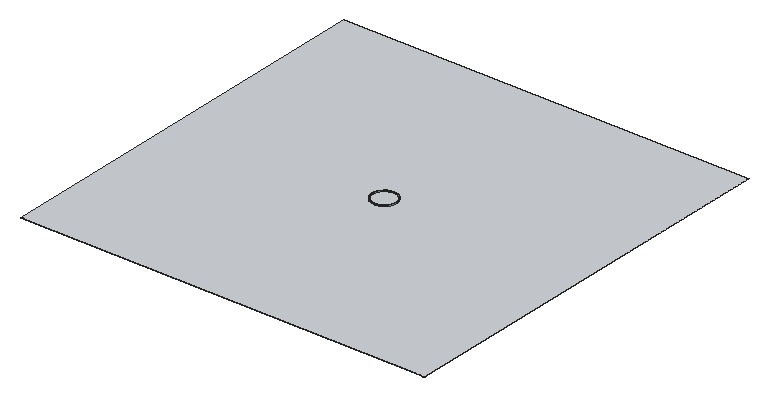
Revit family "LAMP_KOMBIC 150 ROUND IP40 OPTIC", category Luminarias, Revit 2018
Family settings
  Anfitrión = Cara
  Cota de conector redondo = Diámetro de uso
  Tipo de pieza = Normal
  Corte con vacíos al cargar = No
  Origen de luz = Sí
  Compartido = No
  Punto de cálculo de habitación = No
Parameters (values of type "1145LM 3000K  B/B")
  Ángulo de inclinación = -90.00°
  Weight = 0.692 kg
  Wattage = 13.4 W
  UGR = "16"
  Type = "COB PHILIPS"
  built-in parameter 1150107 = 3000 (stored number, unit not read)
  Recessed diameter = 145 mm
  built-in parameter 1150110 = 1 (stored number, unit not read)
  built-in parameter 1150109 = 1 (stored number, unit not read)
  built-in parameter 1150112 = 1 (stored number, unit not read)
  built-in parameter 1150113 = 1 (stored number, unit not read)
  built-in parameter 1114218 = 1 (stored number, unit not read)
  Protection rating = "IP40"
  Product datasheet = "http://www.lamp.es/product-files/TECH/K21RD2040WF830NBB-EN.pdf"
  Product code = "K21RD2040WF830NBB"
  Product URL = "https://www.lamp.es/en/family/kombic-downlight_33313"
  Power Supply = "220-240V 50/60Hz"
  Power = 12 W
  Plum = 13.4 W
  built-in parameter 1150137 = (empty or 0)
  built-in parameter 1150132 = 2
  Modelo = Product code  # "K21RD2040WF830NBB"
  Material reflector = LAMP_PC Reflector Kombic Metalizado Negro
  Material optica = LAMP_PMMA Optica Kombic100
  Material disipador = LAMP_Aluminio Disipador Kombic
  Material difusor = LAMP_PMMA Difusor Kombic
  Material aro = LAMP_Plástico genérico NG
  Material COB = LAMP_COB
  Manufacturer name = "LAMP"
  Manufacturer country = "Spain"
  Manufacturer URL = "http://www.lamp.es/en"
  MacAdam = "3"
  Luminaire type = "Downlight"
  Last update = "26/08/2021"
  Lamp = "COB LED"
  LED Lifetime = "50.000 L90 B10"
  built-in parameter 1150105 = 1308.6 (stored number, unit not read)
  built-in parameter 1150102 = (empty or 0)
  Insulation class = "II"
  Installation instructions = "https://www.lamp.es/product-files/packed/by-family/33313_INS_all.zip"
  built-in parameter 1150106 = 13.086 (stored number, unit not read)
  IEE = "A+"
  Height = 100 mm
  Gear = "Electronic"
  Lumens = 1145.7 lm
  Finish = "Matte black RAL 9011"
  Color Filter = 16777215
  built-in parameter 1114217 = 1 (stored number, unit not read)
  built-in parameter 1150139 = (empty or 0)
  Fabricante = Manufacturer name  # "LAMP"
  Default Elevation = 1219.2 mm
  built-in parameter 1150104 = 7.9432 (stored number, unit not read)
  Efficacy = 85.5 lm/W
  Diameter = 150 mm
  built-in parameter 1150115 = 1 (stored number, unit not read)
  built-in parameter 1150114 = 1 (stored number, unit not read)
  built-in parameter 1150138 = (empty or 0)
  built-in parameter 1150134 = (empty or 0)
  Dimming Lamp Color Temperature Shift = (empty or 0)
  CRI = "80"
  Archivo de red fotométrica = "K21RD2040WF830NBB.IES"
  built-in parameter 1150133 = 10 (stored number, unit not read)
Types (24, lengths in mm): name | Wattage | UGR | built-in parameter 1150107 | Product datasheet | Product code | Product URL | Power | Plum | Modelo | Material reflector | Material aro | Manufacturer name | Manufacturer country | Manufacturer URL | Last update | LED Lifetime | built-in parameter 1150105 | Installation instructions | built-in parameter 1150106 | Gear | Lumens | Finish | Fabricante | built-in parameter 1150104 | Efficacy | built-in parameter 1150134 | Archivo de red fotométrica
  1145LM 3000K  B/B | 13.4 W | "16" | 3000 (stored number, unit not read) | "http://www.lamp.es/product-files/TECH/K21RD2040WF830NBB-EN.pdf" | "K21RD2040WF830NBB" | "https://www.lamp.es/en/family/kombic-downlight_33313" | 12 W | 13.4 W | "K21RD2040WF830NBB" | LAMP_PC Reflector Kombic Metalizado Negro | LAMP_Plástico genérico NG | "LAMP" | "Spain" | "http://www.lamp.es/en" | "26/08/2021" | "50.000 L90 B10" | 1308.6 (stored number, unit not read) | "https://www.lamp.es/product-files/packed/by-family/33313_INS_all.zip" | 13.086 (stored number, unit not read) | "Electronic" | 1145.7 lm | "Matte black RAL 9011" | "LAMP" | 7.9432 (stored number, unit not read) | 85.5 lm/W | (empty or 0) | "K21RD2040WF830NBB.IES"
  1145LM 3000K  B/W | 13.4 W | "16" | 3000 (stored number, unit not read) | "http://www.lamp.es/product-files/TECH/K21RD2040WF830NBW-EN.pdf" | "K21RD2040WF830NBW" | "https://www.lamp.es/en/family/kombic-downlight_33313" | 12 W | 13.4 W | "K21RD2040WF830NBW" | LAMP_PC Reflector Kombic Metalizado Negro | LAMP_Plástico genérico BL | "LAMP" | "Spain" | "http://www.lamp.es/en" | "26/08/2021" | "50.000 L90 B10" | 91.172 (stored number, unit not read) | "https://www.lamp.es/product-files/packed/by-family/33313_INS_all.zip" | 0.91172 (stored number, unit not read) | "Electronic" | 1145.7 lm | "Shiny white RAL 9010" | "LAMP" | 7.9432 (stored number, unit not read) | 85.5 lm/W | (empty or 0) | "K21RD2040WF830NBW.IES"
  1148LM 3000K  M/W | 13.4 W | "16" | 3000 (stored number, unit not read) | "http://www.lamp.es/product-files/TECH/K21RD2040WF830NMW-EN.pdf" | "K21RD2040WF830NMW" | "https://www.lamp.es/en/family/kombic-downlight_33313" | 12 W | 13.4 W | "K21RD2040WF830NMW" | LAMP_PC Reflector Kombic Metalizado Mate | LAMP_Plástico genérico BL | "LAMP" | "Spain" | "http://www.lamp.es/en" | "26/08/2021" | "50.000 L90 B10" | 91.385 (stored number, unit not read) | "https://www.lamp.es/product-files/packed/by-family/33313_INS_all.zip" | 0.91385 (stored number, unit not read) | "Electronic" | 1148.38 lm | "Shiny white RAL 9010" | "LAMP" | 7.9618 (stored number, unit not read) | 85.7 lm/W | (empty or 0) | "K21RD2040WF830NMW.IES"
  1184LM 3000K  W/W | 13.4 W | "16" | 3000 (stored number, unit not read) | "http://www.lamp.es/product-files/TECH/K21RD2040WF830NWW-EN.pdf" | "K21RD2040WF830NWW" | "https://www.lamp.es/en/family/kombic-downlight_33313" | 12 W | 13.4 W | "K21RD2040WF830NWW" | LAMP_PC Reflector Kombic Blanco | LAMP_Plástico genérico BL | "LAMP" | "Spain" | "http://www.lamp.es/en" | "26/08/2021" | "50.000 L90 B10" | 94.158 (stored number, unit not read) | "https://www.lamp.es/product-files/packed/by-family/33313_INS_all.zip" | 0.94158 (stored number, unit not read) | "Electronic" | 1183.22 lm | "Matte white RAL 9010" | "LAMP" | 8.2033 (stored number, unit not read) | 88.3 lm/W | (empty or 0) | "K21RD2040WF830NWW.IES"
  1193LM 4000K  B/B | 13.7 W | "16" | 4000 (stored number, unit not read) | "http://www.lamp.es/product-files/TECH/K21RD2040WF840NBB-EN.pdf" | "K21RD2040WF840NBB" | "https://www.lamp.es/en/family/kombic-downlight_33313" | 12 W | 13.7 W | "K21RD2040WF840NBB" | LAMP_PC Reflector Kombic Metalizado Negro | LAMP_Plástico genérico NG | "LAMP" | "Spain" | "http://www.lamp.es/en" | "26/08/2021" | "50.000 L90 B10" | 1362.9 (stored number, unit not read) | "https://www.lamp.es/product-files/packed/by-family/33313_INS_all.zip" | 13.629 (stored number, unit not read) | "Electronic" | 1193.27 lm | "Matte black RAL 9011" | "LAMP" | 8.0919 (stored number, unit not read) | 87.1 lm/W | 12 | "K21RD2040WF840NBB.IES"
  1193LM 4000K  B/W | 13.7 W | "16" | 4000 (stored number, unit not read) | "http://www.lamp.es/product-files/TECH/K21RD2040WF840NBW-EN.pdf" | "K21RD2040WF840NBW" | "https://www.lamp.es/en/family/kombic-downlight_33313" | 12 W | 13.7 W | "K21RD2040WF840NBW" | LAMP_PC Reflector Kombic Metalizado Negro | LAMP_Plástico genérico BL | "LAMP" | "Spain" | "http://www.lamp.es/en" | "26/08/2021" | "50.000 L90 B10" | 94.957 (stored number, unit not read) | "https://www.lamp.es/product-files/packed/by-family/33313_INS_all.zip" | 0.94957 (stored number, unit not read) | "Electronic" | 1193.27 lm | "Shiny white RAL 9010" | "LAMP" | 8.0919 (stored number, unit not read) | 87.1 lm/W | 12 | "K21RD2040WF840NBW.IES"
  1196LM 4000K  M/W | 13.7 W | "16" | 4000 (stored number, unit not read) | "http://www.lamp.es/product-files/TECH/K21RD2040WF840NMW-EN.pdf" | "K21RD2040WF840NMW" | "https://www.lamp.es/en/family/kombic-downlight_33313" | 12 W | 13.7 W | "K21RD2040WF840NMW" | LAMP_PC Reflector Kombic Metalizado Mate | LAMP_Plástico genérico BL | "LAMP" | "Spain" | "http://www.lamp.es/en" | "26/08/2021" | "50.000 L90 B10" | 95.175 (stored number, unit not read) | "https://www.lamp.es/product-files/packed/by-family/33313_INS_all.zip" | 0.95175 (stored number, unit not read) | "Electronic" | 1196.01 lm | "Shiny white RAL 9010" | "LAMP" | 8.1104 (stored number, unit not read) | 87.3 lm/W | 12 | "K21RD2040WF840NMW.IES"
  1233LM 4000K  W/W | 13.7 W | "16" | 4000 (stored number, unit not read) | "http://www.lamp.es/product-files/TECH/K21RD2040WF840NWW-EN.pdf" | "K21RD2040WF840NWW" | "https://www.lamp.es/en/family/kombic-downlight_33313" | 12 W | 13.7 W | "K21RD2040WF840NWW" | LAMP_PC Reflector Kombic Blanco | LAMP_Plástico genérico BL | "LAMP" | "Spain" | "http://www.lamp.es/en" | "26/08/2021" | "50.000 L90 B10" | 1407.6 (stored number, unit not read) | "https://www.lamp.es/product-files/packed/by-family/33313_INS_all.zip" | 14.076 (stored number, unit not read) | "Electronic" | 1233 lm | "Matte white RAL 9010" | "LAMP" | 8.3613 (stored number, unit not read) | 90 lm/W | 12 | "K21RD2040WF840NWW.IES"
  1613LM 3000K  B/B | 19.9 W | "19" | 3000 (stored number, unit not read) | "http://www.lamp.es/product-files/TECH/K21RD3040WF830NBB-EN.pdf" | "K21RD3040WF830NBB" | "https://www.lamp.es/en/family/kombic-downlight_33313" | 17.6 W | 19.9 W | "K21RD3040WF830NBB" | LAMP_PC Reflector Kombic Metalizado Negro | LAMP_Plástico genérico NG | "LAMP" | "Spain" | "http://www.lamp.es/en" | "26/08/2021" | "50.000 L70 B10" | 128.27 (stored number, unit not read) | "https://www.lamp.es/product-files/packed/by-family/33313_INS_all.zip" | 1.2827 (stored number, unit not read) | "Electronic" | 1611.9 lm | "Matte black RAL 9011" | "LAMP" | 7.5251 (stored number, unit not read) | 81 lm/W | (empty or 0) | "K21RD3040WF830NBB.IES"
  1613LM 3000K  B/W | 19.9 W | "19" | 3000 (stored number, unit not read) | "http://www.lamp.es/product-files/TECH/K21RD3040WF830NBW-EN.pdf" | "K21RD3040WF830NBW" | "https://www.lamp.es/en/family/kombic-downlight_33313" | 17.6 W | 19.9 W | "K21RD3040WF830NBW" | LAMP_PC Reflector Kombic Metalizado Negro | LAMP_Plástico genérico BL | "LAMP" | "Spain" | "http://www.lamp.es/en" | "26/08/2021" | "50.000 L70 B10" | 128.27 (stored number, unit not read) | "https://www.lamp.es/product-files/packed/by-family/33313_INS_all.zip" | 1.2827 (stored number, unit not read) | "Electronic" | 1611.9 lm | "Shiny white RAL 9010" | "LAMP" | 7.5251 (stored number, unit not read) | 81 lm/W | (empty or 0) | "K21RD3040WF830NBW.IES"
  1618LM 3000K  M/W | 19.9 W | "19" | 3000 (stored number, unit not read) | "http://www.lamp.es/product-files/TECH/K21RD3040WF830NMW-EN.pdf" | "K21RD3040WF830NMW" | "https://www.lamp.es/en/family/kombic-downlight_33313" | 17.6 W | 19.9 W | "K21RD3040WF830NMW" | LAMP_PC Reflector Kombic Metalizado Mate | LAMP_Plástico genérico BL | "LAMP" | "Spain" | "http://www.lamp.es/en" | "26/08/2021" | "50.000 L70 B10" | 128.75 (stored number, unit not read) | "https://www.lamp.es/product-files/packed/by-family/33313_INS_all.zip" | 1.2875 (stored number, unit not read) | "Electronic" | 1617.87 lm | "Shiny white RAL 9010" | "LAMP" | 7.553 (stored number, unit not read) | 81.3 lm/W | (empty or 0) | "K21RD3040WF830NMW.IES"
  1667LM 3000K  W/W | 19.9 W | "19" | 3000 (stored number, unit not read) | "http://www.lamp.es/product-files/TECH/K21RD3040WF830NWW-EN.pdf" | "K21RD3040WF830NWW" | "https://www.lamp.es/en/family/kombic-downlight_33313" | 17.6 W | 19.9 W | "K21RD3040WF830NWW" | LAMP_PC Reflector Kombic Blanco | LAMP_Plástico genérico BL | "LAMP" | "Spain" | "http://www.lamp.es/en" | "26/08/2021" | "50.000 L70 B10" | 132.7 (stored number, unit not read) | "https://www.lamp.es/product-files/packed/by-family/33313_INS_all.zip" | 1.327 (stored number, unit not read) | "Electronic" | 1667.62 lm | "Matte white RAL 9010" | "LAMP" | 7.7853 (stored number, unit not read) | 83.8 lm/W | (empty or 0) | "K21RD3040WF830NWW.IES"
  1680LM 4000K  B/B | 19.9 W | "19" | 4000 (stored number, unit not read) | "http://www.lamp.es/product-files/TECH/K21RD3040WF840NBB-EN.pdf" | "K21RD3040WF840NBB" | "https://www.lamp.es/en/family/kombic-downlight_33313" | 17.6 W | 19.9 W | "K21RD3040WF840NBB" | LAMP_PC Reflector Kombic Metalizado Negro | LAMP_Plástico genérico NG | "LAMP" | "Spain" | "http://www.lamp.es/en" | "26/08/2021" | "50.000 L70 B10" | 133.66 (stored number, unit not read) | "https://www.lamp.es/product-files/packed/by-family/33313_INS_all.zip" | 1.3366 (stored number, unit not read) | "Electronic" | 1679.56 lm | "Matte black RAL 9011" | "LAMP" | 7.841 (stored number, unit not read) | 84.4 lm/W | 12 | "K21RD3040WF840NBB.IES"
  1680LM 4000K  B/W | 19.9 W | "19" | 4000 (stored number, unit not read) | "http://www.lamp.es/product-files/TECH/K21RD3040WF840NBW-EN.pdf" | "K21RD3040WF840NBW" | "https://www.lamp.es/en/family/kombic-downlight_33313" | 17.6 W | 19.9 W | "K21RD3040WF840NBW" | LAMP_PC Reflector Kombic Metalizado Negro | LAMP_Plástico genérico BL | "LAMP" | "Spain" | "http://www.lamp.es/en" | "26/08/2021" | "50.000 L70 B10" | 133.66 (stored number, unit not read) | "https://www.lamp.es/product-files/packed/by-family/33313_INS_all.zip" | 1.3366 (stored number, unit not read) | "Electronic" | 1679.56 lm | "Shiny white RAL 9010" | "LAMP" | 7.841 (stored number, unit not read) | 84.4 lm/W | 12 | "K21RD3040WF840NBW.IES"
  1685LM 4000K  M/W | 19.9 W | "19" | 4000 (stored number, unit not read) | "http://www.lamp.es/product-files/TECH/K21RD3040WF840NMW-EN.pdf" | "K21RD3040WF840NMW" | "https://www.lamp.es/en/family/kombic-downlight_33313" | 17.6 W | 19.9 W | "K21RD3040WF840NMW" | LAMP_PC Reflector Kombic Metalizado Mate | LAMP_Plástico genérico BL | "LAMP" | "Spain" | "http://www.lamp.es/en" | "26/08/2021" | "50.000 L70 B10" | 138.25 (stored number, unit not read) | "https://www.lamp.es/product-files/packed/by-family/33313_INS_all.zip" | 1.3825 (stored number, unit not read) | "Electronic" | 1737.27 lm | "Shiny white RAL 9010" | "LAMP" | 8.1104 (stored number, unit not read) | 87.3 lm/W | 12 | "K21RD3040WF840NMW.IES"
  1737LM 4000K  W/W | 19.1 W | "19" | 4000 (stored number, unit not read) | "http://www.lamp.es/product-files/TECH/K21RD3040WF840NWW-EN.pdf" | "K21RD3040WF840NWW" | "https://www.lamp.es/en/family/kombic-downlight_33313" | 19 W | 19.1 W | "K21RD3040WF840NWW" | LAMP_PC Reflector Kombic Blanco | LAMP_Plástico genérico BL | "LAMP" | "Spain" | "http://www.lamp.es/en" | "26/08/2021" | "50.000 L70 B10" | 138.16 (stored number, unit not read) | "https://www.lamp.es/product-files/packed/by-family/33313_INS_all.zip" | 1.3816 (stored number, unit not read) | "Electronic" | 1736.19 lm | "Matte white RAL 9010" | "LAMP" | 8.4449 (stored number, unit not read) | 90.9 lm/W | 12 | "K21RD3040WF840NWW.IES"
  2145LM 3000K  B/B | 27.7 W | "19" | 3000 (stored number, unit not read) | "" | "K21RD3540WF830NBB" | "" | 25 W | 27.7 W | "K21RD3540WF830NBB" | LAMP_PC Reflector Kombic Metalizado Negro | LAMP_Plástico genérico NG | "" | "" | "" | "" | "50.000 L70 B10" | 2448.7 (stored number, unit not read) | "" | 24.487 (stored number, unit not read) | "" | 2143.98 lm | "Matte black RAL 9011" | 0 | 7.1907 (stored number, unit not read) | 77.4 lm/W | (empty or 0) | "K21RD3540WF830NBB.IES"
  2145LM 3000K  B/W | 27.7 W | "19" | 3000 (stored number, unit not read) | "" | "K21RD3540WF830NBW" | "" | 25 W | 27.7 W | "K21RD3540WF830NBW" | LAMP_PC Reflector Kombic Metalizado Negro | LAMP_Plástico genérico BL | "" | "" | "" | "" | "50.000 L70 B10" | 170.61 (stored number, unit not read) | "" | 1.7061 (stored number, unit not read) | "" | 2143.98 lm | "Shiny white RAL 9010" | 0 | 7.1907 (stored number, unit not read) | 77.4 lm/W | (empty or 0) | "K21RD3540WF830NBW.IES"
  2151LM 3000K  M/W | 27.7 W | "19" | 3000 (stored number, unit not read) | "" | "K21RD3540WF830NMW" | "" | 25 W | 27.7 W | "K21RD3540WF830NMW" | LAMP_PC Reflector Kombic Metalizado Mate | LAMP_Plástico genérico BL | "" | "" | "" | "" | "50.000 L70 B10" | 171.27 (stored number, unit not read) | "" | 1.7127 (stored number, unit not read) | "" | 2152.29 lm | "Shiny white RAL 9010" | 0 | 7.2186 (stored number, unit not read) | 77.7 lm/W | (empty or 0) | "K21RD3540WF830NMW.IES"
  2217LM 3000K  W/W | 27.7 W | "19" | 3000 (stored number, unit not read) | "" | "K21RD3540WF830NWW" | "" | 25 W | 27.7 W | "K21RD3540WF830NWW" | LAMP_PC Reflector Kombic Blanco | LAMP_Plástico genérico BL | "" | "" | "" | "" | "50.000 L70 B10" | 176.56 (stored number, unit not read) | "" | 1.7656 (stored number, unit not read) | "" | 2218.77 lm | "Matte white RAL 9010" | 0 | 7.4415 (stored number, unit not read) | 80.1 lm/W | (empty or 0) | "K21RD3540WF830NWW.IES"
  2235LM 4000K  B/B | 27.7 W | "19" | 4000 (stored number, unit not read) | "" | "K21RD3540WF840NBB" | "" | 25 W | 27.7 W | "K21RD3540WF840NBB" | LAMP_PC Reflector Kombic Metalizado Negro | LAMP_Plástico genérico NG | "" | "" | "" | "" | "50.000 L70 B10" | 177.89 (stored number, unit not read) | "" | 1.7789 (stored number, unit not read) | "" | 2235.39 lm | "Matte black RAL 9011" | 0 | 7.4973 (stored number, unit not read) | 80.7 lm/W | 12 | "K21RD3540WF840NBB.IES"
  2235LM 4000K  B/W | 27.7 W | "19" | 4000 (stored number, unit not read) | "" | "K21RD3540WF840NBW" | "" | 25 W | 27.7 W | "K21RD3540WF840NBW" | LAMP_PC Reflector Kombic Metalizado Negro | LAMP_Plástico genérico BL | "" | "" | "" | "" | "50.000 L70 B10" | 177.89 (stored number, unit not read) | "" | 1.7789 (stored number, unit not read) | "" | 2235.39 lm | "Shiny white RAL 9010" | 0 | 7.4973 (stored number, unit not read) | 80.7 lm/W | 12 | "K21RD3540WF840NBW.IES"
  2241LM 4000K  M/W | 27.7 W | "19" | 4000 (stored number, unit not read) | "" | "K21RD3540WF840NMW" | "" | 25 W | 27.7 W | "K21RD3540WF840NMW" | LAMP_PC Reflector Kombic Metalizado Mate | LAMP_Plástico genérico BL | "" | "" | "" | "" | "50.000 L70 B10" | 178.33 (stored number, unit not read) | "" | 1.7833 (stored number, unit not read) | "" | 2240.93 lm | "Shiny white RAL 9010" | 0 | 7.5159 (stored number, unit not read) | 80.9 lm/W | 12 | "K21RD3540WF840NMW.IES"
  2310LM 4000K  W/W | 27.7 W | "19" | 4000 (stored number, unit not read) | "" | "K21RD3540WF840NWW" | "" | 25 W | 27.7 W | "K21RD3540WF840NWW" | LAMP_PC Reflector Kombic Blanco | LAMP_Plástico genérico BL | "" | "" | "" | "" | "50.000 L70 B10" | 183.84 (stored number, unit not read) | "" | 1.8384 (stored number, unit not read) | "" | 2310.18 lm | "Matte white RAL 9010" | 0 | 7.7481 (stored number, unit not read) | 83.4 lm/W | 12 | "K21RD3540WF840NWW.IES"
Reference planes
  plane 1 "Centro (Frontal/Posterior)": y = 0
  plane 2: z = 0
  plane 3 "Centro (Izquierda/Derecha)": x = 0
Forms (mm)
  Extrusion 1, solid
    sketch origin (0, 0, 0) x (1, 0, 0) y (0, 1, 0)
      loop
        line (-1219.2, 1219.2) -> (-1219.2, -1219.2) -> (1219.2, -1219.2) -> (1219.2, 1219.2) -> (-1219.2, 1219.2)
    from 0 to -1
  Revolve 2, solid, material "LAMP_Plástico genérico NG" <- "Material aro"
    sketch origin (0, 0, 1.5) x (-1, 0, 0) y (0, 0, -1)
      loop
        arc (63.285, 25.939) -> (56.992, 30.773) -> (49.333, 32.85) r 20.471
        line (49.333, 32.85) -> (49.333, 30.55)
        arc (49.333, 30.55) -> (65.429, 20.082) -> (70.259, 1.5) r 26.552
        line (70.259, 1.5) -> (69.259, 1.5) -> (69.259, 0) -> (75, 0) -> (75, 1.5) -> (71.74, 1.5)
        arc (71.74, 1.5) -> (69.911, 14.549) -> (63.285, 25.939) r 34.204
      axis (0, 32.85) -> (0, 0)
    angle from 0 to 360
  Revolve 3, solid, material "LAMP_Aluminio Disipador Kombic" <- "Material disipador"
    sketch origin (0, 0, 1.5) x (-1, 0, 0) y (0, 0, -1)
      loop
        line (-57.5, 32.85) -> (0, 32.85) -> (0, 97.85) -> (-57.5, 97.85) -> (-57.5, 32.85)
      axis (0, 97.85) -> (0, 32.85)
    angle from 0 to 360
  Revolve 4, solid, material "LAMP_PC Reflector Kombic Metalizado Negro" <- "Material reflector"
    sketch origin (0, 0, 0) x (1, 0, 0) y (0, 0, 1)
      loop
        line (-69.259, 0) -> (-70.259, 0)
        arc (-70.259, 0) -> (-52.467, -23.183) -> (-23.839, -29.05) r 41.807
        line (-23.839, -29.05) -> (-23.839, -28.081)
        arc (-23.839, -28.081) -> (-51.294, -21.716) -> (-69.259, 0) r 44.012
      axis (0, 0) -> (0, -29.05)
    angle from 0 to 360
  Extrusion 5, solid, material "LAMP_COB" <- "Material COB"
    sketch origin (0, 0, 0) x (1, 0, 0) y (0, 1, 0)
      loop
        circle (0, 0) r 13
    from -31.35 to -30.4
  Blend 6, solid, material "LAMP_PMMA Optica Kombic100" <- "Material optica"
    base sketch origin (0, 0, 0) x (1, 0, 0) y (0, 1, 0)
      loop
        circle (0, 0) r 13
    top sketch origin (0, 0, 0) x (1, 0, 0) y (0, 1, 0)
      loop
        circle (0, 0) r 23.839
    from -31.35 to -28.081
Text (mm)
  text "Any modification of the parameters and properties of the LAMP BIM models must be executed and validated by the LAMP technical department.\nPhone: +34 93 736 68 00\nE-mail: lamp@lamp.es\n\nLAMP reserves the right to modify the technical specifications of its products." at (-2876.262, -5833.446, 1777.952), in view "Preview"
Dimensions and locks
  aligned and locked: plane 2 to Extrusion 1
  aligned and locked: level to Extrusion 1
Connectors
  electrical at (0, 0, -73.85)
    settings: on Revolve 3, index 1, voltage 230 V, apparent load 0 VA, apparent load phase1 0 VA, apparent load phase2 0 VA, apparent load phase3 0 VA, power factor 1, load classification "Otro", number of poles 1, system type 30, power factor state 1, is connector primary yes, connector utility no, sub classification motor no, connector description ""
